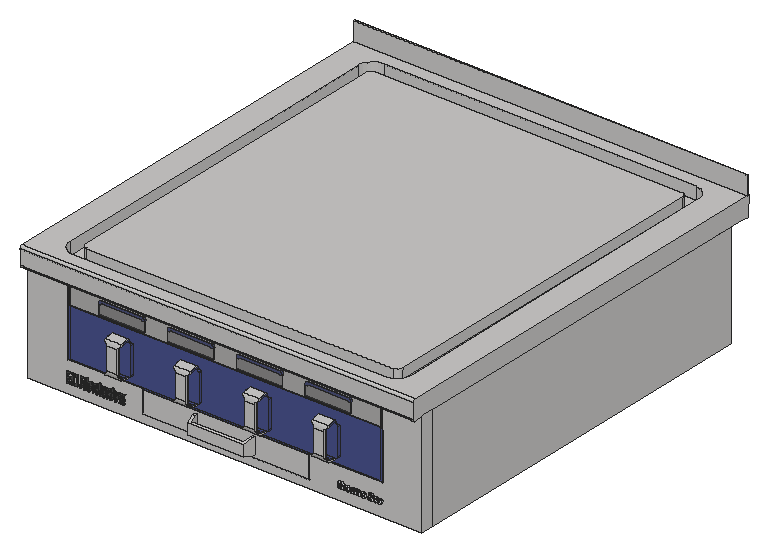
Revit family "QF_ELECTROLUXPROFESSIONAL_588551_MBTCBBHOAO", category Attrezzature speciali, Revit 2020
Family settings
  Quota connettore circolare = Usa diametro
  Tipo di parte = Normale
  Basato su piano di lavoro = No
  Sempre verticale = Sì
  Taglio con vuoti quando caricato = No
  Condiviso = No
  Punto di calcolo locali = No
Parameters (values of type "Standard")
  Weight = 120.00 kg
  Watts = 12000 W
  Volts = 400 V
  URL Manufacturer = "https://www.electroluxprofessional.com/"
  URL = "https://www.electroluxprofessional.com/"
  Steam Supply Size = 0"
  Steam Supply Minimum Pressure = 0.00 psi
  Steam Supply Maximum Pressure = 0.00 psi
  Steam Consumption per Hour = 0
  Refrigeration Suction Line Size = 0 mm
  Refrigeration Liquid Line Size = 0 mm
  Refrigerant Compressor Remote = yes
  Prospetto di default = 0 mm
  Phase = 3
  Modello = "MBTCBBHOAO"
  Produttore = "Electrolux Professional"
  Length Actual = 800 mm  # constant formula
  Item Number = "588551"
  Hot Water Size = 0"
  Height Actual = 250 mm  # constant formula
  HP = "16.1 HP"
  Gas Size = 0"
  Gas KW = 0
  Gas Input Pressure = 0.0 Btu/h
  Direct Waste Size = 0"
  Descrizione = "EL.FREE COOKING TOP,1S,BS,800X850X250H"
  Depth Actual = 850 mm  # constant formula
  Cycle = 50 Hz
  Condensate Return Size = 0"
  Compressed Air Volume = 0 GPM
  Compressed Air Size = 0"
  Compressed Air Pressure = 0.00 psi
  Cold Water Size = 0"
  Accessory = yes
Reference planes
  plane 1 "BACK": y = 0
  plane 2: z = 0
  plane 3 "LEFT": x = 0
  plane 4 "RIGHT": x = 800
  plane 5 "FRONT": y = -850
  plane 6 "TOP": z = 900
  plane 7 "Center (Left/Right)": x = 400
  plane 8: y = -425
  plane 9: y = -150
  plane 10 "Panel": y = -805
  plane 11: z = 798
  plane 12: z = 1327
  plane 13: x = 78
  plane 14: x = 722
  plane 15: y = -150
  plane 16: y = -650
  plane 17 "EIx": x = 755
  plane 18 "EIy": y = -585
  plane 19: z = 938
  plane 20 "BaseTop": z = 650
Forms (mm)
  Extrusion 1, solid, material "QF_Finishes_Stainless Steel"
    sketch origin (-178.969, -4572, 100) x (-1, 0, 0) y (0, -1, 0)
      loop
        line (-178.969, -4527) -> (-178.969, -3767) -> (-978.969, -3767) -> (-978.969, -4527) -> (-178.969, -4527)
    from 550 to 762.969
  Extrusion 2, solid, material "QF_Finishes_Stainless Steel"
    sketch origin (0, 0, 650) x (-1, 0, 0) y (0, -1, 0)
      loop
        circle (-755, 585) r 6.35
    from 0 to -11.851
  Extrusion 3, solid, material "QF_Finishes_Stainless Steel"
    sketch origin (400, 296.4, 1219.2) x (0, 1, 0) y (0, 0, 1)
      loop
        line (-296.4, -319.2) -> (-1141.4, -319.2)
        arc (-1141.4, -319.2) -> (-1144.935, -320.664) -> (-1146.4, -324.2) r 5
        line (-1146.4, -324.2) -> (-1146.4, -355.2)
        arc (-1146.4, -355.2) -> (-1144.971, -358.264) -> (-1141.705, -359.139) r 4
        line (-1141.705, -359.139) -> (-1126.4, -356.231) -> (-316.4, -356.231) -> (-301.094, -359.139)
        arc (-301.094, -359.139) -> (-297.829, -358.264) -> (-296.4, -355.2) r 4
        line (-296.4, -355.2) -> (-296.4, -319.2)
    from -400 to 400
  Extrusion 4, solid, material "QF_Finishes_Stainless Steel"
    sketch origin (0, 0, 900) x (-1, 0, 0) y (0, -1, 0)
      loop
        arc (-88, 59) -> (-80.929, 61.929) -> (-78, 69) r 10
        line (-78, 69) -> (-78, 780)
        arc (-78, 780) -> (-80.929, 787.071) -> (-88, 790) r 10
        line (-88, 790) -> (-712, 790)
        arc (-712, 790) -> (-719.071, 787.071) -> (-722, 780) r 10
        line (-722, 780) -> (-722, 69)
        arc (-722, 69) -> (-719.071, 61.929) -> (-712, 59) r 10
        line (-712, 59) -> (-88, 59)
    from 0 to -20
  Extrusion 5, void
    sketch origin (0, 0, 900) x (-1, 0, 0) y (0, -1, 0)
      loop
        arc (-53, 790) -> (-61.787, 811.213) -> (-83, 820) r 30
        line (-83, 820) -> (-717, 820)
        arc (-717, 820) -> (-738.213, 811.213) -> (-747, 790) r 30
        line (-747, 790) -> (-747, 59)
        arc (-747, 59) -> (-738.213, 37.787) -> (-717, 29) r 30
        line (-717, 29) -> (-83, 29)
        arc (-83, 29) -> (-61.787, 37.787) -> (-53, 59) r 30
        line (-53, 59) -> (-53, 790)
    from 0 to -25
  Extrusion 6, solid, material "QF_Finishes_Stainless Steel"
    sketch origin (0, 0, 900) x (-1, 0, 0) y (0, -1, 0)
      loop
        line (-82, 63) -> (-82, 786) -> (-718, 786) -> (-718, 63) -> (-82, 63)
    from -20 to -25
  Extrusion 7, solid, material "QF_Finishes_Stainless Steel"
    sketch origin (400, 296.4, 1219.2) x (0, 1, 0) y (0, 0, 1)
      loop
        line (-296.4, -319.2) -> (-296.4, -281.2) -> (-298.4, -281.2) -> (-298.4, -319.2) -> (-296.4, -319.2)
    from -400 to 400
Cuts and joins
  Extrusion 5 cuts Extrusion 3
Lines and regions (mm)
  symbolic lines
    curve 1: line (0, 0, 100) -> (800, 0, 100)
    curve 2: line (0, -850, 100) -> (0, 0, 100)
    curve 3: line (800, -850, 100) -> (0, -850, 100)
    curve 4: line (800, 0, 100) -> (800, -850, 100)
    curve 5: line (712, -59, 100) -> (88, -59, 100)
    curve 6: line (722, -680, 100) -> (722, -69, 100)
    curve 7: arc (88, -59, 100) -> (80.929, -61.929, 100) -> (78, -69, 100) r 10
    curve 8: arc (722, -69, 100) -> (719.071, -61.929, 100) -> (712, -59, 100) r 10
    curve 9: line (712, -791, 100) -> (88, -791, 100)
    curve 10: arc (88, -791, 100) -> (80.929, -788.071, 100) -> (78, -781, 100) r 10
    curve 11: arc (722, -781, 100) -> (719.071, -788.071, 100) -> (712, -791, 100) r 10
    curve 12: line (78, -69, 0) -> (78, -781, 0)
    curve 13: line (722, -781, 0) -> (722, -69, 0)
    curve 14: arc (83, -29, 0) -> (61.787, -37.787, 0) -> (53, -59, 0) r 30
    curve 15: line (717, -29, 0) -> (83, -29, 0)
    curve 16: line (53, -59, 0) -> (53, -790, 0)
    curve 17: line (747, -790, 0) -> (747, -59, 0)
    curve 18: arc (747, -59, 0) -> (738.213, -37.787, 0) -> (717, -29, 0) r 30
    curve 19: arc (717, -820, 0) -> (738.213, -811.213, 0) -> (747, -790, 0) r 30
    curve 20: line (83, -820, 0) -> (717, -820, 0)
    curve 21: arc (53, -790, 0) -> (61.787, -811.213, 0) -> (83, -820, 0) r 30
    curve 22: line (0, -2, 0) -> (800, -2, 0)
Dimensions and locks
  plane 3 "LEFT" to plane 4 "RIGHT" = 800 mm
  plane 5 "FRONT" to plane 1 "BACK" = 850 mm
  equal spacing: plane 3 "LEFT", plane 7 "Center (Left/Right)", plane 4 "RIGHT"
  equal spacing: plane 5 "FRONT", plane 8, plane 1 "BACK"
  plane 6 "TOP" to level = 900 mm  (x3)
  plane 1 "BACK" to plane 9 to plane 10 "Panel" = 150 mm, 655 mm  (x2)
  plane 1 "BACK" to plane 5 "FRONT" = 850 mm
  plane 1 "BACK" to Extrusion 2 = 585 mm
  plane 12 to plane 6 "TOP" = 427 mm
  plane 6 "TOP" to plane 11 = 102 mm
  plane 13 to plane 3 "LEFT" = 78 mm
  plane 14 to plane 4 "RIGHT" = 78 mm
  locked: plane 1 "BACK" to plane 15 at 150
  locked: plane 15 to plane 16 at 500
  plane 10 "Panel" to plane 5 "FRONT" = 45 mm
  plane 17 "EIx" to plane 4 "RIGHT" = 45 mm
  plane 18 "EIy" to plane 1 "BACK" = 585 mm
  plane 19 to plane 6 "TOP" = 38 mm
  aligned and locked: level to plane 2
  aligned and locked: plane 7 "Center (Left/Right)" to nested 1
Automatic sketch dimensions
  Extrusion 3 sketch curve to plane 5 "FRONT" = 0 mm
  Extrusion 3 sketch curve to plane 6 "TOP" = 0 mm
  Extrusion 3 sketch curve to plane 1 "BACK" = 0 mm
  Extrusion 3 sketch curve to plane 5 "FRONT" = 4 mm
  Extrusion 3 sketch curve to Extrusion 3 sketch curve = 0.695 mm
  Extrusion 3 sketch curve to plane 5 "FRONT" = 5 mm
  Extrusion 3 sketch curve to Extrusion 3 sketch curve = 15.305 mm
  plane 1 "BACK" to Extrusion 3 sketch curve = 20 mm
  plane 1 "BACK" to Extrusion 3 sketch curve = 4.695 mm
  Extrusion 3 sketch curve to Extrusion 3 sketch curve = 4 mm
  Extrusion 3 sketch curve to Extrusion 3 sketch curve = 31 mm
  Extrusion 3 sketch curve to plane 6 "TOP" = 36 mm
  Extrusion 3 sketch curve to Extrusion 3 sketch curve = 2.909 mm
  Extrusion 4 sketch curve to plane 14 = 0 mm
  Extrusion 4 sketch curve to plane 13 = 0 mm
  plane 14 to Extrusion 4 sketch curve = 10 mm  (x2)
  Extrusion 4 sketch curve to Extrusion 4 sketch curve = 10 mm  (x2)
  plane 9 to Extrusion 4 sketch curve = 91 mm
  plane 16 to Extrusion 4 sketch curve = 130 mm
  Extrusion 6 sketch curve to plane 13 = 4 mm
  plane 14 to Extrusion 6 sketch curve = 4 mm
  plane 16 to Extrusion 6 sketch curve = 136 mm
  plane 9 to Extrusion 6 sketch curve = 87 mm
  plane 17 "EIx" to Extrusion 5 sketch curve = 8 mm
  plane 14 to Extrusion 5 sketch curve = 5 mm  (x2)
  Extrusion 5 sketch curve to plane 13 = 5 mm  (x2)
  plane 13 to Extrusion 5 sketch curve = 25 mm
  plane 1 "BACK" to Extrusion 5 sketch curve = 29 mm
  plane 10 "Panel" to Extrusion 5 sketch curve = 15 mm
  Extrusion 1 sketch curve to plane 4 "RIGHT" = 0 mm
  Extrusion 1 sketch curve to plane 3 "LEFT" = 0 mm
  Extrusion 1 sketch curve to plane 10 "Panel" = 0 mm
  plane 1 "BACK" to Extrusion 1 sketch curve = 45 mm
  plane 1 "BACK" to curve 1 = 0 mm
  curve 1 to plane 4 "RIGHT" = 0 mm
  curve 6 to plane 14 = 0 mm
  curve 11 to plane 14 = 0 mm
  curve 10 to plane 13 = 0 mm
  curve 7 to plane 13 = 0 mm
  curve 2 to plane 3 "LEFT" = 0 mm
  plane 5 "FRONT" to curve 3 = 0 mm
  plane 14 to curve 9 = 10 mm
  plane 14 to curve 5 = 10 mm
  curve 7 to plane 13 = 10 mm
  curve 10 to plane 13 = 10 mm
  plane 1 "BACK" to curve 5 = 59 mm
  plane 16 to curve 6 = 30 mm
  plane 10 "Panel" to curve 11 = 24 mm
  Extrusion 7 sketch curve to plane 6 "TOP" = 0 mm
  Extrusion 7 sketch curve to plane 19 = 0 mm
  Extrusion 7 sketch curve to plane 1 "BACK" = 0 mm
  Extrusion 7 sketch curve to Extrusion 7 sketch curve = 2 mm
  curve 22 to plane 3 "LEFT" = 0 mm
  curve 12 to plane 13 = 0 mm
  curve 13 to plane 14 = 0 mm
  curve 22 to plane 4 "RIGHT" = 0 mm
  plane 13 to curve 16 = 25 mm
  curve 15 to plane 13 = 5 mm
  curve 21 to plane 13 = 5 mm
  plane 14 to curve 18 = 5 mm
  plane 14 to curve 20 = 5 mm
  plane 17 "EIx" to curve 17 = 8 mm
  curve 20 to plane 10 "Panel" = 15 mm
  plane 1 "BACK" to curve 14 = 59 mm
  curve 19 to curve 13 = 9 mm
  curve 21 to curve 12 = 9 mm
  curve 13 to curve 18 = 10 mm
  curve 12 to curve 14 = 10 mm
  plane 1 "BACK" to curve 22 = 2 mm
  Extrusion 2 sketch curve to plane 17 "EIx" = 0 mm
  Extrusion 2 sketch curve to plane 18 "EIy" = 0 mm
  radius of Extrusion 2 sketch curve = 6.35 mm
Nested families
  nested 1: "Front_Panel_W800_Four Knobs" at (202.376, -805, 0), type "Front_Panel_W800_Four Knobs"
Connectors
  electrical at (755, -585, 638.149)
    settings: on Extrusion 2, index 1, voltage 400 V, apparent load 33000 VA, apparent load phase1 0 VA, apparent load phase2 0 VA, apparent load phase3 0 VA, power factor 1, load classification "Other", number of poles 1, system type 30, power factor state 1, is connector primary yes, connector utility no, sub classification motor no, connector description "ELECTRICAL CONNECTION"
Definition of nested family "Front_Panel_W800_Four Knobs"
  Parameters
    Default Elevation = 0 mm
  Reference planes
    plane 1 "Center (Front/Back)": y = 0
    plane 2: z = 0
    plane 3 "Center (Left/Right)": x = 197.624
    plane 4 "Left": x = -202.376
    plane 5 "Right": x = 597.624
    plane 6: y = -45
    plane 7: x = -12.376
    plane 8: x = 127.624
    plane 9: y = -310
    plane 10: y = -25
    plane 11: x = 517.624
    plane 12: x = -122.376
  Forms (mm)
    Extrusion 1, solid
      sketch origin (833.217, 829.203, -1.25) x (0, 1, 0) y (0, 0, 1)
        loop
          line (-854.203, 651.25) -> (-829.203, 651.25) -> (-829.203, 864.25) -> (-854.203, 864.25) -> (-854.203, 651.25)
      from -1035.593 to -235.593
    Extrusion 2, void
      sketch origin (0, 0, 0) x (1, 0, 0) y (0, 0, 1)
        loop
          line (-122.376, 853.866) -> (-122.376, 711.866) -> (517.624, 711.866) -> (517.624, 853.866) -> (-122.376, 853.866)
      from 19.387 to 33.951
    Extrusion 3, void
      sketch origin (0, 0, 0) x (1, 0, 0) y (0, 0, 1)
        loop
          line (30.124, 711.866) -> (30.124, 666.866) -> (370.124, 666.866) -> (370.124, 711.866) -> (30.124, 711.866)
      from 19.387 to 25
    Extrusion 4, solid
      sketch origin (0, 0, 0) x (1, 0, 0) y (0, 0, 1)
        loop
          line (31.124, 710.866) -> (31.124, 667.866) -> (369.124, 667.866) -> (369.124, 710.866) -> (31.124, 710.866)
      from 19.387 to 25
    Extrusion 5, solid
      sketch origin (0, 0, 0) x (1, 0, 0) y (0, 1, 0)
        loop
          line (141.059, -25) -> (135.966, -25) -> (140.646, -49.075) -> (254.603, -49.075) -> (259.283, -25) -> (254.189, -25) -> (250.481, -44.075) -> (144.767, -44.075) -> (141.059, -25)
      from 672.593 to 705.67
    Extrusion 6, void
      sketch origin (197.624, 0, 0) x (0, 1, 0) y (0, 0, 1)
        loop
          line (-30, 705.67) -> (-30, 710.67) -> (-56.744, 710.67) -> (-56.744, 667.593) -> (-30, 667.593) -> (-30, 672.593) -> (-53.776, 680.318) -> (-53.776, 697.945) -> (-30, 705.67)
      from -70 to 70
    Extrusion 7, solid, detail levels coarse
      sketch origin (0, -265, 0) x (1, 0, 0) y (0, 1, 0)
        loop
          line (140.646, -69.075) -> (254.603, -69.075) -> (259.283, -45) -> (364.124, -45) -> (364.124, 240) -> (31.124, 240) -> (31.124, -45) -> (135.966, -45) -> (140.646, -69.075)
      from 672.593 to 705.67
    Extrusion 8, void
      sketch origin (197.624, -280, 0) x (0, 1, 0) y (0, 0, 1)
        loop
          line (-30, 705.67) -> (-30, 710.67) -> (-56.744, 710.67) -> (-56.744, 667.593) -> (-30, 667.593) -> (-30, 672.593) -> (-53.776, 680.318) -> (-53.776, 697.945) -> (-30, 705.67)
      from -70 to 70
  Cuts and joins
    Extrusion 2, Extrusion 3 cuts Extrusion 1
    Extrusion 6, Extrusion 8 cuts Extrusion 5
    Extrusion 8 cuts Extrusion 7
  Lines and regions (mm)
    symbolic lines
      curve 1: line (31.124, -45, 0) -> (31.124, -310, 0)
      curve 2: line (31.124, -310, 0) -> (364.124, -310, 0)
      curve 3: line (135.966, -310, 0) -> (140.646, -334.075, 0)
      curve 4: line (140.646, -334.075, 0) -> (254.603, -334.075, 0)
      curve 5: line (254.603, -334.075, 0) -> (259.283, -310, 0)
      curve 6: line (364.124, -310, 0) -> (364.124, -45, 0)
      curve 7: line (31.124, -300, 0) -> (364.124, -300, 0)
      curve 8: line (140.874, -309.046, 0) -> (144.767, -329.075, 0)
      curve 9: line (144.767, -329.075, 0) -> (250.481, -329.075, 0)
      curve 10: line (250.481, -329.075, 0) -> (254.375, -309.046, 0)
  Dimensions and locks
    equal spacing: plane 5 "Right", plane 3 "Center (Left/Right)", plane 4 "Left"
    plane 5 "Right" to plane 4 "Left" = 800 mm
    plane 3 "Center (Left/Right)" to plane 7 = 210 mm
    plane 3 "Center (Left/Right)" to plane 8 = 70 mm
    plane 6 to plane 9 = 265 mm
    aligned and locked: cut or joined group of Extrusion 1, Extrusion 2, Extrusion 3 to plane 4 "Left"
    aligned and locked: plane 5 "Right" to cut or joined group of Extrusion 1, Extrusion 2, Extrusion 3
    aligned and locked: plane 3 "Center (Left/Right)" to nested 2
    aligned and locked: cut or joined group of Extrusion 1, Extrusion 2, Extrusion 3 to nested 2
  Automatic sketch dimensions
    plane 7 to Extrusion 3 sketch curve = 42.5 mm
    plane 3 "Center (Left/Right)" to Extrusion 3 sketch curve = 172.5 mm
    level to Extrusion 3 sketch curve = 666.866 mm
    Extrusion 3 sketch curve to Extrusion 3 sketch curve = 45 mm
    plane 7 to Extrusion 4 sketch curve = 43.5 mm
    plane 3 "Center (Left/Right)" to Extrusion 4 sketch curve = 171.5 mm
    level to Extrusion 4 sketch curve = 667.866 mm
    Extrusion 4 sketch curve to Extrusion 4 sketch curve = 43 mm
    plane 8 to Extrusion 5 sketch curve = 8.342 mm
    plane 6 to Extrusion 5 sketch curve = 4.075 mm
    plane 8 to Extrusion 5 sketch curve = 13.021 mm
    Extrusion 5 sketch curve to Extrusion 5 sketch curve = 5.094 mm  (x2)
    Extrusion 5 sketch curve to plane 6 = 0.925 mm
    Extrusion 5 sketch curve to Extrusion 5 sketch curve = 4.122 mm  (x2)
    plane 3 "Center (Left/Right)" to Extrusion 5 sketch curve = 52.857 mm
    Extrusion 5 sketch curve to plane 6 = 20 mm  (x2)
    Extrusion 5 sketch curve to Extrusion 5 sketch curve = 3.708 mm
    plane 6 to Extrusion 6 sketch curve = 11.744 mm
    plane 6 to Extrusion 6 sketch curve = 8.776 mm
    Extrusion 6 sketch curve to plane 6 = 15 mm  (x2)
    level to Extrusion 6 sketch curve = 667.593 mm
    Extrusion 6 sketch curve to Extrusion 6 sketch curve = 5 mm
    Extrusion 6 sketch curve to Extrusion 6 sketch curve = 12.725 mm  (x2)
    Extrusion 6 sketch curve to Extrusion 6 sketch curve = 17.627 mm
    Extrusion 6 sketch curve to Extrusion 6 sketch curve = 7.725 mm
    Extrusion 8 sketch curve to plane 9 = 26.744 mm
    Extrusion 8 sketch curve to plane 9 = 23.776 mm
    plane 9 to Extrusion 8 sketch curve = 0 mm  (x2)
    level to Extrusion 8 sketch curve = 667.593 mm
    Extrusion 8 sketch curve to Extrusion 8 sketch curve = 5 mm
    Extrusion 8 sketch curve to Extrusion 8 sketch curve = 12.725 mm  (x2)
    Extrusion 8 sketch curve to Extrusion 8 sketch curve = 17.627 mm
    Extrusion 8 sketch curve to Extrusion 8 sketch curve = 7.725 mm
    plane 9 to Extrusion 7 sketch curve = 0 mm  (x2)
    plane 7 to Extrusion 7 sketch curve = 43.5 mm
    plane 8 to Extrusion 7 sketch curve = 8.342 mm
    Extrusion 7 sketch curve to plane 9 = 24.075 mm
    plane 8 to Extrusion 7 sketch curve = 13.021 mm
    Extrusion 7 sketch curve to Extrusion 7 sketch curve = 104.842 mm
    Extrusion 7 sketch curve to plane 6 = 20 mm
    plane 3 "Center (Left/Right)" to Extrusion 7 sketch curve = 56.979 mm
    Extrusion 7 sketch curve to Extrusion 7 sketch curve = 4.68 mm
    Extrusion 1 sketch curve to plane 1 "Center (Front/Back)" = 0 mm
    level to Extrusion 1 sketch curve = 650 mm
    plane 4 "Left" to Extrusion 2 sketch curve = 80 mm
    Extrusion 2 sketch curve to plane 5 "Right" = 80 mm
    level to Extrusion 2 sketch curve = 711.866 mm
    Extrusion 2 sketch curve to Extrusion 2 sketch curve = 142 mm
    plane 6 to curve 1 = 0 mm
    plane 6 to curve 6 = 0 mm
    plane 9 to curve 1 = 0 mm
    plane 7 to curve 1 = 43.5 mm
    curve 4 to plane 9 = 24.075 mm
    plane 8 to curve 4 = 13.021 mm
    curve 3 to curve 8 = 4.122 mm
    plane 3 "Center (Left/Right)" to curve 4 = 56.979 mm
    curve 4 to curve 2 = 109.521 mm
    plane 8 to curve 3 = 8.342 mm
    curve 3 to curve 8 = 4.908 mm
    curve 9 to curve 4 = 4.122 mm
    curve 10 to plane 9 = 19.075 mm
    curve 9 to curve 5 = 8.801 mm
    plane 9 to curve 10 = 0.954 mm
    curve 10 to curve 5 = 4.908 mm
    curve 3 to curve 8 = 0.954 mm
    curve 1 to curve 7 = 10 mm
    Extrusion 1 sketch curve to plane 6 = 20 mm
    Extrusion 1 sketch curve to Extrusion 1 sketch curve = 213 mm
  Nested families
    nested 1: "Range Control Handle" at (-12.376, -28.137, -209.113) x (-1, 0, 0) z (0, 0, 1), type "Range Control Handle"
    nested 2: "Front glass control panel W800" at (197.624, 280.644, 2.752), type "Front glass control panel W800"
    nested 3: "Range Control Handle" at (127.624, -28.137, -209.113) x (-1, 0, 0) z (0, 0, 1), type "Range Control Handle"
    nested 4: "Range Control Handle" at (407.624, -28.137, -209.113), type "Range Control Handle"
    nested 5: "Range Control Handle" at (267.624, -28.137, -209.113), type "Range Control Handle"
    nested 6: "ELX_ThermaLine_Small" at (468.838, -25, 679.426) x (1, 0, 0) z (0, -1, 0), type "ELX_ThermaLine_Small"
      with Show Logo yes, Material_Logo none
    nested 7: "ELX_Professional_Logo_Small" at (-62.89, -25, 681.659) x (1, 0, 0) z (0, -1, 0), type "ELX_Professional_Logo_Small"
      with Show Logo yes, Material_Logo none
  Definition of nested family "Range Control Handle"
    Parameters
      Default Elevation = 0 mm
    Reference planes
      plane 1 "Center (Front/Back)": y = 0
      plane 2: z = 0
      plane 3 "Center (Left/Right)": x = 0
      plane 4: z = 971.092
      plane 5: y = -16.9
    Forms (mm)
      Extrusion 1, solid
        sketch origin (-746.28, 380.497, 208.931) x (-1, 0, 0) y (0, 0, 1)
          loop
            line (-770.101, 786.798) -> (-770.101, 731.649)
            arc (-770.101, 731.649) -> (-769.759, 730.563) -> (-768.855, 729.87) r 1.893
            line (-768.855, 729.87) -> (-763.474, 727.911) -> (-729.81, 727.911) -> (-724.428, 729.87)
            arc (-724.428, 729.87) -> (-723.525, 730.563) -> (-723.183, 731.649) r 1.893
            line (-723.183, 731.649) -> (-723.183, 786.798)
            arc (-723.183, 786.798) -> (-723.529, 787.894) -> (-724.44, 788.593) r 1.91
            line (-724.44, 788.593) -> (-729.683, 790.819) -> (-763.601, 790.819) -> (-768.844, 788.593)
            arc (-768.844, 788.593) -> (-769.755, 787.894) -> (-770.101, 786.798) r 1.91
        from -382.35 to -378.852
      Sweep 2, solid
        path origin (-746.788, 380.496, 208.091) x (0, -1, 0) y (0, 0, 1)
          loop
            line (379.775, 793.281) -> (395.661, 791.048)
            arc (395.661, 791.048) -> (397.781, 787.377) -> (398.517, 783.202) r 12.207
            line (398.517, 783.202) -> (398.517, 737.368)
            arc (398.517, 737.368) -> (397.781, 733.193) -> (395.661, 729.522) r 12.207
            line (395.661, 729.522) -> (379.775, 727.289)
        profile origin (-746.788, -7.222, 1000.256) x (0, -0.139173, 0.990268) y (-1, 0, 0)
          loop
            line (0.782, -763.123) -> (0.782, -730.907) -> (-1.322, -730.907) -> (-1.322, -763.123) -> (0.782, -763.123)
      Sweep 3, solid
        path origin (-746.788, 380.715, 207.832) x (0, -1, 0) y (0, 0, 1)
          loop
            line (380.478, 795.442) -> (397.218, 793.09)
            arc (397.218, 793.09) -> (399.929, 788.473) -> (400.871, 783.202) r 15.207
            line (400.871, 783.202) -> (400.871, 737.584)
            arc (400.871, 737.584) -> (399.914, 732.274) -> (397.164, 727.633) r 15.207
            line (397.164, 727.633) -> (380.601, 725.305)
        profile origin (-746.788, -8.132, 1002.099) x (0, -0.139173, 0.990268) y (-1, 0, 0)
          loop
            line (0.782, -763.123) -> (0.782, -730.907) -> (-1.322, -730.907) -> (-1.322, -763.123) -> (0.782, -763.123)
      Extrusion 4, void
        sketch origin (889.253, 220.666, 207.993) x (1, 0, 0) y (0, 0, 1)
          loop
            line (-943.038, 816.854) -> (-943.038, 703.686) -> (-899.466, 734.196) -> (-899.466, 786.344) -> (-943.038, 816.854)
        from 230.636 to 242.25
      Extrusion 5, void
        sketch origin (-888.8, 220.666, 207.993) x (-1, 0, 0) y (0, 0, -1)
          loop
            line (-943.038, -816.854) -> (-899.466, -786.344) -> (-899.466, -734.196) -> (-943.038, -703.686) -> (-943.038, -816.854)
        from 230.636 to 242.25
      Extrusion 6, solid
        sketch origin (0, 0, 0) x (1, 0, 0) y (0, 0, 1)
          loop
            circle (0, 971.092) r 7.736
        from -3.137 to -1.645
    Cuts and joins
      Extrusion 4, Extrusion 5 cuts Sweep 3
      Extrusion 4, Extrusion 5 cuts Sweep 2
      joined: Extrusion 1, Extrusion 6
    Lines and regions (mm)
      symbolic lines
        curve 1: line (16.334, -16.9, 0) -> (16.334, -19.227, 0)
        curve 2: spline (16.334, -19.227, 0) -> (15.87, -19.385, 0) -> (15.404, -19.536, 0) -> (14.936, -19.678, 0) -> (14.466, -19.813, 0) -> (13.995, -19.94, 0) -> (13.523, -20.059, 0) -> (13.049, -20.171, 0) -> (12.575, -20.274, 0) -> (12.099, -20.37, 0) -> (11.622, -20.458, 0) -> (11.144, -20.537, 0) -> (10.666, -20.609, 0)
        curve 3: line (10.666, -16.9, 0) -> (10.666, -20.938, 0)
        curve 4: line (-10.213, -20.938, 0) -> (10.666, -20.938, 0)
        curve 5: line (-10.213, -20.938, 0) -> (-10.213, -16.9, 0)
        curve 6: spline (-10.213, -20.609, 0) -> (-10.691, -20.537, 0) -> (-11.169, -20.458, 0) -> (-11.646, -20.37, 0) -> (-12.122, -20.274, 0) -> (-12.597, -20.171, 0) -> (-13.07, -20.059, 0) -> (-13.542, -19.94, 0) -> (-14.013, -19.813, 0) -> (-14.483, -19.678, 0) -> (-14.951, -19.536, 0) -> (-15.417, -19.385, 0) -> (-15.881, -19.227, 0)
        curve 7: line (-15.881, -19.227, 0) -> (-15.881, -16.9, 0)
  Definition of nested family "Front glass control panel W800"
    Parameters
      Default Elevation = 0 mm
    Reference planes
      plane 1 "Center (Front/Back)": y = 0
      plane 2: z = 0
      plane 3 "Center (Left/Right)": x = 0
    Forms (mm)
      Extrusion 1, solid
        sketch origin (378.286, 0, 0.617) x (1, 0, 0) y (0, 0, 1)
          loop
            line (-698.286, 806.791) -> (-698.286, 708.497) -> (-58.286, 708.497) -> (-58.286, 806.791) -> (-698.286, 806.791)
        from 300.031 to 304.8
      Extrusion 2, solid
        sketch origin (378.286, 0, 0.617) x (1, 0, 0) y (0, 0, 1)
          loop
            line (-698.286, 850.497) -> (-698.286, 806.791) -> (-58.286, 806.791) -> (-58.286, 850.497) -> (-698.286, 850.497)
        from 300.031 to 304.8
      Extrusion 3, void
        sketch origin (378.286, 0, 0.617) x (1, 0, 0) y (0, 0, 1)
          loop
            line (-695.628, 847.565) -> (-695.628, 710.699) -> (-61.196, 710.699) -> (-61.196, 847.565) -> (-695.628, 847.565)
        from 303.697 to 304.8
      Extrusion 4, solid
        sketch origin (-378.333, 1.101, -0.633) x (-1, 0, 0) y (0, 0, -1)
          loop
            line (-261.431, -812.62) -> (-355.186, -812.62) -> (-355.186, -834.177) -> (-350.269, -834.177) -> (-348.469, -835.977) -> (-268.039, -835.977) -> (-266.24, -834.177) -> (-261.431, -834.177) -> (-261.431, -812.62)
        from 304.798 to 306.745
      Extrusion 5, solid
        sketch origin (-378.333, 1.101, -0.633) x (-1, 0, 0) y (0, 0, -1)
          loop
            line (-350.269, -834.177) -> (-355.078, -834.177)
            arc (-355.078, -834.177) -> (-353.942, -838.747) -> (-349.686, -840.763) r 5.5
            line (-349.686, -840.763) -> (-266.98, -840.763)
            arc (-266.98, -840.763) -> (-262.706, -838.752) -> (-261.529, -834.177) r 5.549
            line (-261.529, -834.177) -> (-266.24, -834.177) -> (-268.039, -835.977) -> (-348.469, -835.977) -> (-350.269, -834.177)
        from 304.798 to 306.745
      Extrusion 6, solid
        sketch origin (-518.333, 1.101, -0.633) x (-1, 0, 0) y (0, 0, -1)
          loop
            line (-261.431, -812.62) -> (-355.186, -812.62) -> (-355.186, -834.177) -> (-350.269, -834.177) -> (-348.469, -835.977) -> (-268.039, -835.977) -> (-266.24, -834.177) -> (-261.431, -834.177) -> (-261.431, -812.62)
        from 304.798 to 306.745
      Extrusion 7, solid
        sketch origin (-518.333, 1.101, -0.633) x (-1, 0, 0) y (0, 0, -1)
          loop
            line (-350.269, -834.177) -> (-355.078, -834.177)
            arc (-355.078, -834.177) -> (-353.942, -838.747) -> (-349.686, -840.763) r 5.5
            line (-349.686, -840.763) -> (-266.98, -840.763)
            arc (-266.98, -840.763) -> (-262.706, -838.752) -> (-261.529, -834.177) r 5.549
            line (-261.529, -834.177) -> (-266.24, -834.177) -> (-268.039, -835.977) -> (-348.469, -835.977) -> (-350.269, -834.177)
        from 304.798 to 306.745
      Extrusion 8, solid
        sketch origin (378.333, 1.101, -0.633) x (1, 0, 0) y (0, 0, 1)
          loop
            line (-261.431, 812.62) -> (-261.431, 834.177) -> (-266.24, 834.177) -> (-268.039, 835.977) -> (-348.469, 835.977) -> (-350.269, 834.177) -> (-355.186, 834.177) -> (-355.186, 812.62) -> (-261.431, 812.62)
        from 304.798 to 306.745
      Extrusion 9, solid
        sketch origin (378.333, 1.101, -0.633) x (1, 0, 0) y (0, 0, 1)
          loop
            line (-350.269, 834.177) -> (-348.469, 835.977) -> (-268.039, 835.977) -> (-266.24, 834.177) -> (-261.529, 834.177)
            arc (-261.529, 834.177) -> (-262.706, 838.752) -> (-266.98, 840.763) r 5.549
            line (-266.98, 840.763) -> (-349.686, 840.763)
            arc (-349.686, 840.763) -> (-353.942, 838.747) -> (-355.078, 834.177) r 5.5
            line (-355.078, 834.177) -> (-350.269, 834.177)
        from 304.798 to 306.745
      Extrusion 10, solid
        sketch origin (518.333, 1.101, -0.633) x (1, 0, 0) y (0, 0, 1)
          loop
            line (-261.431, 812.62) -> (-261.431, 834.177) -> (-266.24, 834.177) -> (-268.039, 835.977) -> (-348.469, 835.977) -> (-350.269, 834.177) -> (-355.186, 834.177) -> (-355.186, 812.62) -> (-261.431, 812.62)
        from 304.798 to 306.745
      Extrusion 11, solid
        sketch origin (518.333, 1.101, -0.633) x (1, 0, 0) y (0, 0, 1)
          loop
            line (-350.269, 834.177) -> (-348.469, 835.977) -> (-268.039, 835.977) -> (-266.24, 834.177) -> (-261.529, 834.177)
            arc (-261.529, 834.177) -> (-262.706, 838.752) -> (-266.98, 840.763) r 5.549
            line (-266.98, 840.763) -> (-349.686, 840.763)
            arc (-349.686, 840.763) -> (-353.942, 838.747) -> (-355.078, 834.177) r 5.5
            line (-355.078, 834.177) -> (-350.269, 834.177)
        from 304.798 to 306.745
    Cuts and joins
      Extrusion 3 cuts Extrusion 1
      Extrusion 3 cuts Extrusion 2
    Dimensions and locks
      aligned and locked: Extrusion 1 to Extrusion 2
      aligned and locked: Extrusion 5 sketch curve to Extrusion 4  (x5)
      aligned and locked: Extrusion 5 to Extrusion 4
      aligned and locked: Extrusion 7 sketch curve to Extrusion 6  (x5)
      aligned and locked: Extrusion 7 to Extrusion 6
      aligned and locked: Extrusion 9 sketch curve to Extrusion 8  (x4)
      aligned and locked: Extrusion 8 to Extrusion 9 sketch curve
      aligned and locked: Extrusion 9 to Extrusion 8
      aligned and locked: Extrusion 11 sketch curve to Extrusion 10  (x4)
      aligned and locked: Extrusion 10 to Extrusion 11 sketch curve
      aligned and locked: Extrusion 11 to Extrusion 10
  Definition of nested family "ELX_ThermaLine_Small"
    Parameters
      Show Logo [instance] = yes
      Material_Logo [instance] = none
      Default Elevation = 0 mm
    Reference planes
      plane 1 "Centro (Fronte/Retro)": y = 0
      plane 2: z = 0
      plane 3 "Centro (Sinistra/Destra)": x = 0
    Forms (mm)
      Extrusion 1, solid
        sketch origin (0, 0, 0) x (1, 0, 0) y (0, 1, 0)
          loop
            line (-1219.2, 1219.2) -> (-1219.2, -1219.2) -> (1219.2, -1219.2) -> (1219.2, 1219.2) -> (-1219.2, 1219.2)
        from 0 to -304.8
      Extrusion 2, solid
        sketch origin (0, 0, 0) x (1, 0, 0) y (0, 1, 0)
          loop
            line (-37.494, 1.229) -> (-35.908, 1.229) -> (-35.908, 3.066) -> (-37.494, 3.066) -> (-37.494, 6.221) -> (-39.867, 4.881) -> (-39.867, 3.066) -> (-40.969, 3.066) -> (-40.969, 1.229) -> (-39.867, 1.229) -> (-39.867, -3.407)
            arc (-39.867, -3.407) -> (-38.982, -5.513) -> (-36.751, -6.001) r 2.478
            line (-36.751, -6.001) -> (-35.638, -5.7) -> (-35.9, -3.835) -> (-36.661, -4.039)
            arc (-36.661, -4.039) -> (-37.236, -3.924) -> (-37.494, -3.399) r 0.662
            line (-37.494, -3.399) -> (-37.494, 1.229)
          loop
            line (-34.242, 6.539) -> (-34.242, -5.848) -> (-31.854, -5.848) -> (-31.854, -0.078)
            arc (-31.854, -0.078) -> (-30.939, 1.249) -> (-29.33, 1.367) r 1.866
            arc (-29.33, 1.367) -> (-28.695, 0.768) -> (-28.461, -0.073) r 1.627
            line (-28.461, -0.073) -> (-28.461, -5.848) -> (-26.086, -5.848) -> (-26.064, -0.46)
            arc (-26.064, -0.46) -> (-26.261, 0.932) -> (-26.786, 2.237) r 5.825
            arc (-26.786, 2.237) -> (-29.381, 3.264) -> (-31.854, 1.971) r 3.353
            line (-31.854, 1.971) -> (-31.854, 6.539) -> (-34.242, 6.539)
          loop
            arc (-18.398, -0.598) -> (-18.893, 0.879) -> (-20.326, 1.487) r 1.897
            arc (-20.326, 1.487) -> (-21.461, 0.708) -> (-21.897, -0.598) r 2.164
            line (-21.897, -0.598) -> (-18.398, -0.598)
          loop
            arc (-16.021, -2.044) -> (-16.754, 1.227) -> (-19.444, 3.226) r 4.814
            arc (-19.444, 3.226) -> (-22.137, 2.788) -> (-23.943, 0.743) r 4.054
            arc (-23.943, 0.743) -> (-24.382, -1.249) -> (-24.162, -3.276) r 6.289
            arc (-24.162, -3.276) -> (-23.302, -4.71) -> (-21.958, -5.705) r 4.28
            arc (-21.958, -5.705) -> (-18.558, -5.814) -> (-16.152, -3.409) r 4.28
            line (-16.152, -3.409) -> (-18.5, -2.995)
            arc (-18.5, -2.995) -> (-19.273, -3.994) -> (-20.533, -4.076) r 1.536
            arc (-20.533, -4.076) -> (-21.56, -3.281) -> (-21.958, -2.044) r 2.197
            line (-21.958, -2.044) -> (-16.021, -2.044)
          loop
            line (-14.165, -5.848) -> (-11.819, -5.848) -> (-11.819, -2.138)
            arc (-11.819, -2.138) -> (-11.787, -1.156) -> (-11.637, -0.185) r 8.18
            arc (-11.637, -0.185) -> (-10.644, 0.972) -> (-9.132, 0.776) r 1.603
            line (-9.132, 0.776) -> (-8.419, 2.846)
            arc (-8.419, 2.846) -> (-10.432, 3.118) -> (-11.994, 1.821) r 2.527
            line (-11.994, 1.821) -> (-11.994, 3.094) -> (-14.165, 3.094) -> (-14.165, -5.848)
          loop
            line (-7.579, 3.094) -> (-7.579, -5.848) -> (-5.178, -5.848) -> (-5.178, -0.756)
            arc (-5.178, -0.756) -> (-4.727, 0.679) -> (-3.417, 1.419) r 2.05
            arc (-3.417, 1.419) -> (-2.499, 0.908) -> (-2.155, -0.085) r 1.471
            line (-2.155, -0.085) -> (-2.155, -5.848) -> (0.23, -5.848) -> (0.23, -1.001)
            arc (0.23, -1.001) -> (0.47, 0.127) -> (1.148, 1.061) r 2.775
            arc (1.148, 1.061) -> (2.225, 1.329) -> (3.05, 0.587) r 1.182
            arc (3.05, 0.587) -> (3.199, -0.019) -> (3.214, -0.642) r 2.894
            line (3.214, -0.642) -> (3.214, -5.848) -> (5.601, -5.848) -> (5.601, 0.261)
            arc (5.601, 0.261) -> (4.87, 2.263) -> (2.976, 3.241) r 2.932
            arc (2.976, 3.241) -> (1.284, 2.973) -> (-0.047, 1.896) r 3.309
            arc (-0.047, 1.896) -> (-1.116, 2.865) -> (-2.506, 3.258) r 3.16
            arc (-2.506, 3.258) -> (-4.105, 2.942) -> (-5.376, 1.92) r 3.419
            line (-5.376, 1.92) -> (-5.376, 3.094) -> (-7.579, 3.094)
          loop
            line (7.583, 0.738) -> (9.702, 0.364)
            arc (9.702, 0.364) -> (11.441, 1.492) -> (12.855, -0.023) r 1.613
            line (12.855, -0.023) -> (9.782, -0.789)
            arc (9.782, -0.789) -> (8.559, -1.346) -> (7.617, -2.305) r 3.687
            arc (7.617, -2.305) -> (7.499, -3.681) -> (7.901, -5.003) r 3.651
            arc (7.901, -5.003) -> (9.107, -5.766) -> (10.515, -6.006) r 3.635
            arc (10.515, -6.006) -> (11.898, -5.697) -> (13.067, -4.895) r 3.734
            line (13.067, -4.895) -> (13.376, -5.848) -> (15.75, -5.848) -> (15.212, -4.193) -> (15.212, 0.38)
            arc (15.212, 0.38) -> (14.897, 1.849) -> (13.818, 2.895) r 2.585
            arc (13.818, 2.895) -> (11.792, 3.442) -> (9.719, 3.11) r 5.005
            arc (9.719, 3.11) -> (8.369, 2.178) -> (7.583, 0.738) r 3.54
          loop
            line (19.723, -5.848) -> (22.233, -5.848) -> (24.854, 6.484) -> (22.345, 6.484) -> (19.723, -5.848)
          loop
            line (24.583, -5.848) -> (26.953, -5.848) -> (28.848, 3.066) -> (26.478, 3.066) -> (24.583, -5.848)
          loop
            line (27.204, 6.484) -> (26.741, 4.305) -> (29.111, 4.305) -> (29.575, 6.484) -> (27.204, 6.484)
          loop
            line (29.355, -5.848) -> (31.849, -5.848) -> (33.098, 0.028)
            arc (33.098, 0.028) -> (34.169, 1.306) -> (35.832, 1.422) r 2.132
            arc (35.832, 1.422) -> (36.324, 0.752) -> (36.383, -0.078) r 1.5
            line (36.383, -0.078) -> (35.157, -5.848) -> (37.536, -5.848) -> (38.936, 0.738)
            arc (38.936, 0.738) -> (38.775, 2.091) -> (37.825, 3.066) r 2.118
            arc (37.825, 3.066) -> (35.392, 3.175) -> (33.295, 1.937) r 4.271
            line (33.295, 1.937) -> (33.535, 3.066) -> (31.25, 3.066) -> (29.355, -5.848)
          loop
            line (42.792, -0.64) -> (46.589, -0.64)
            arc (46.589, -0.64) -> (46.639, 0.124) -> (46.327, 0.823) r 1.589
            arc (46.327, 0.823) -> (45.117, 1.521) -> (43.762, 1.183) r 1.865
            arc (43.762, 1.183) -> (43.141, 0.344) -> (42.792, -0.64) r 3.538
          loop
            line (42.565, -2.138) -> (48.593, -2.138)
            arc (48.593, -2.138) -> (48.58, 0.597) -> (46.983, 2.818) r 4.494
            arc (46.983, 2.818) -> (44.191, 3.28) -> (41.725, 1.891) r 4.26
            arc (41.725, 1.891) -> (40.503, -0.3) -> (40.284, -2.799) r 6.003
            arc (40.284, -2.799) -> (40.959, -4.468) -> (42.377, -5.576) r 3.482
            arc (42.377, -5.576) -> (44.265, -5.961) -> (46.152, -5.576) r 4.823
            arc (46.152, -5.576) -> (47.432, -4.731) -> (48.328, -3.485) r 4.245
            line (48.328, -3.485) -> (46.168, -3.105)
            arc (46.168, -3.105) -> (45.214, -4.072) -> (43.859, -4.181) r 1.953
            arc (43.859, -4.181) -> (42.821, -3.408) -> (42.565, -2.138) r 1.81
          loop
            line (12.868, -1.553) -> (10.216, -2.214)
            arc (10.216, -2.214) -> (9.747, -3.136) -> (10.216, -4.058) r 1.14
            arc (10.216, -4.058) -> (11.537, -4.249) -> (12.614, -3.46) r 1.763
            arc (12.614, -3.46) -> (12.858, -2.522) -> (12.868, -1.553) r 3.97
        from 0 to 1.6
    Dimensions and locks
      aligned and locked: plane 2 to Extrusion 1
      aligned and locked: level to Extrusion 1
  Definition of nested family "ELX_Professional_Logo_Small"
    Parameters
      Show Logo [instance] = yes
      Material_Logo [instance] = none
      Default Elevation = 0 mm
    Reference planes
      plane 1 "Centro (Fronte/Retro)": y = 0
      plane 2: z = 0
      plane 3 "Centro (Sinistra/Destra)": x = 0
    Forms (mm)
      Extrusion 1, solid
        sketch origin (0, 0, 0) x (1, 0, 0) y (0, 1, 0)
          loop
            line (-1219.2, 1219.2) -> (-1219.2, -1219.2) -> (1219.2, -1219.2) -> (1219.2, 1219.2) -> (-1219.2, 1219.2)
        from 0 to -304.8
      Extrusion 2, solid, material <- "Material_Logo"
        sketch origin (15.5, 0, 0) x (1, 0, 0) y (0, 1, 0)
          loop
            spline (-42.99, -1.24) -> (-43.195, -1.231) -> (-43.415, -1.203) -> (-43.642, -1.152) -> (-43.87, -1.074) -> (-44.095, -0.966) -> (-44.309, -0.825) -> (-44.506, -0.647) -> (-44.681, -0.429) -> (-44.828, -0.167) -> (-44.94, 0.142) -> (-45.011, 0.501) -> (-45.037, 0.915)
            line (-45.037, 0.915) -> (-45.037, 2.748) -> (-38.984, 2.748) -> (-38.984, 5.086) -> (-45.038, 5.086) -> (-45.038, 8.489) -> (-38.599, 8.489) -> (-38.599, 10.82) -> (-47.515, 10.82) -> (-47.515, 1.021)
            spline (-47.515, 1.021) -> (-47.493, 0.418) -> (-47.425, -0.15) -> (-47.311, -0.682) -> (-47.15, -1.175) -> (-46.939, -1.628) -> (-46.678, -2.038) -> (-46.365, -2.404) -> (-46, -2.723) -> (-45.58, -2.995) -> (-45.105, -3.216) -> (-44.573, -3.385) -> (-43.983, -3.499)
            line (-43.983, -3.499) -> (-43.01, -3.569) -> (-38.426, -3.569) -> (-38.426, -1.24) -> (-42.99, -1.24)
          loop
            line (-36.666, 4.021) -> (-36.666, -3.573) -> (-34.188, -3.573) -> (-34.188, 10.824) -> (-36.666, 10.824) -> (-36.666, 4.021)
          loop
            spline (-21.915, 1.897) -> (-21.957, 2.615) -> (-22.082, 3.303) -> (-22.285, 3.955) -> (-22.563, 4.564) -> (-22.913, 5.124) -> (-23.331, 5.629) -> (-23.814, 6.074) -> (-24.359, 6.451) -> (-24.961, 6.755) -> (-25.618, 6.98) -> (-26.326, 7.119) -> (-27.081, 7.167)
            spline (-27.081, 7.167) -> (-27.853, 7.122) -> (-28.586, 6.99) -> (-29.275, 6.774) -> (-29.915, 6.478) -> (-30.5, 6.104) -> (-31.024, 5.657) -> (-31.483, 5.138) -> (-31.871, 4.553) -> (-32.182, 3.904) -> (-32.411, 3.194) -> (-32.552, 2.427) -> (-32.6, 1.606)
            spline (-32.6, 1.606) -> (-32.553, 0.805) -> (-32.416, 0.057) -> (-32.193, -0.637) -> (-31.887, -1.271) -> (-31.504, -1.843) -> (-31.048, -2.35) -> (-30.523, -2.788) -> (-29.934, -3.154) -> (-29.284, -3.444) -> (-28.579, -3.656) -> (-27.822, -3.785) -> (-27.019, -3.829)
            spline (-27.019, -3.829) -> (-26.627, -3.82) -> (-26.239, -3.79) -> (-25.856, -3.739) -> (-25.477, -3.663) -> (-25.103, -3.562) -> (-24.734, -3.432) -> (-24.369, -3.273) -> (-24.01, -3.082) -> (-23.655, -2.858) -> (-23.305, -2.597) -> (-22.96, -2.299) -> (-22.621, -1.962)
            line (-22.621, -1.962) -> (-24.114, -0.509)
            spline (-24.114, -0.509) -> (-24.311, -0.699) -> (-24.509, -0.872) -> (-24.71, -1.03) -> (-24.915, -1.172) -> (-25.126, -1.297) -> (-25.346, -1.407) -> (-25.576, -1.5) -> (-25.817, -1.576) -> (-26.072, -1.636) -> (-26.342, -1.678) -> (-26.629, -1.704) -> (-26.936, -1.713)
            spline (-26.936, -1.713) -> (-27.384, -1.691) -> (-27.805, -1.625) -> (-28.196, -1.518) -> (-28.556, -1.372) -> (-28.882, -1.187) -> (-29.174, -0.966) -> (-29.429, -0.71) -> (-29.645, -0.422) -> (-29.821, -0.102) -> (-29.955, 0.247) -> (-30.045, 0.623) -> (-30.089, 1.026)
            line (-30.089, 1.026) -> (-21.956, 1.026) -> (-21.915, 1.897)
          loop
            spline (-24.446, 2.769) -> (-24.47, 3.075) -> (-24.54, 3.37) -> (-24.654, 3.65) -> (-24.807, 3.913) -> (-24.996, 4.156) -> (-25.219, 4.376) -> (-25.472, 4.57) -> (-25.753, 4.736) -> (-26.057, 4.869) -> (-26.382, 4.968) -> (-26.724, 5.03) -> (-27.081, 5.051)
            spline (-27.081, 5.051) -> (-27.464, 5.03) -> (-27.832, 4.97) -> (-28.183, 4.872) -> (-28.513, 4.74) -> (-28.819, 4.577) -> (-29.099, 4.384) -> (-29.347, 4.165) -> (-29.563, 3.923) -> (-29.742, 3.659) -> (-29.881, 3.377) -> (-29.977, 3.079) -> (-30.027, 2.769)
            line (-30.027, 2.769) -> (-24.446, 2.769)
          loop
            spline (-18.167, 1.669) -> (-18.138, 2.13) -> (-18.055, 2.567) -> (-17.921, 2.978) -> (-17.739, 3.358) -> (-17.512, 3.705) -> (-17.243, 4.016) -> (-16.937, 4.287) -> (-16.596, 4.517) -> (-16.223, 4.7) -> (-15.823, 4.835) -> (-15.398, 4.919) -> (-14.951, 4.947)
            spline (-14.951, 4.947) -> (-14.677, 4.938) -> (-14.414, 4.913) -> (-14.162, 4.871) -> (-13.921, 4.812) -> (-13.69, 4.738) -> (-13.467, 4.649) -> (-13.254, 4.544) -> (-13.048, 4.424) -> (-12.85, 4.291) -> (-12.659, 4.143) -> (-12.474, 3.981) -> (-12.295, 3.806)
            line (-12.295, 3.806) -> (-10.76, 5.403)
            spline (-10.76, 5.403) -> (-11.065, 5.709) -> (-11.38, 5.984) -> (-11.703, 6.228) -> (-12.035, 6.443) -> (-12.375, 6.63) -> (-12.723, 6.788) -> (-13.078, 6.92) -> (-13.44, 7.026) -> (-13.809, 7.107) -> (-14.184, 7.164) -> (-14.564, 7.198) -> (-14.951, 7.209)
            spline (-14.951, 7.209) -> (-15.725, 7.161) -> (-16.467, 7.02) -> (-17.169, 6.792) -> (-17.826, 6.482) -> (-18.43, 6.096) -> (-18.976, 5.637) -> (-19.455, 5.112) -> (-19.862, 4.525) -> (-20.19, 3.882) -> (-20.433, 3.189) -> (-20.584, 2.449) -> (-20.635, 1.669)
            spline (-20.635, 1.669) -> (-20.584, 0.889) -> (-20.433, 0.149) -> (-20.19, -0.545) -> (-19.862, -1.187) -> (-19.455, -1.774) -> (-18.976, -2.299) -> (-18.43, -2.758) -> (-17.826, -3.145) -> (-17.169, -3.454) -> (-16.467, -3.682) -> (-15.725, -3.823) -> (-14.951, -3.871)
            spline (-14.951, -3.871) -> (-14.564, -3.86) -> (-14.184, -3.826) -> (-13.809, -3.77) -> (-13.44, -3.689) -> (-13.078, -3.583) -> (-12.723, -3.451) -> (-12.375, -3.292) -> (-12.035, -3.105) -> (-11.703, -2.89) -> (-11.38, -2.646) -> (-11.065, -2.371) -> (-10.76, -2.066)
            line (-10.76, -2.066) -> (-12.295, -0.468)
            spline (-12.295, -0.468) -> (-12.474, -0.643) -> (-12.659, -0.805) -> (-12.85, -0.953) -> (-13.048, -1.087) -> (-13.254, -1.206) -> (-13.467, -1.311) -> (-13.69, -1.4) -> (-13.921, -1.475) -> (-14.162, -1.533) -> (-14.414, -1.575) -> (-14.677, -1.6) -> (-14.951, -1.609)
            spline (-14.951, -1.609) -> (-15.398, -1.581) -> (-15.823, -1.497) -> (-16.223, -1.362) -> (-16.596, -1.179) -> (-16.937, -0.95) -> (-17.243, -0.678) -> (-17.512, -0.367) -> (-17.739, -0.02) -> (-17.921, 0.36) -> (-18.055, 0.771) -> (-18.138, 1.208) -> (-18.167, 1.669)
          loop
            spline (-4.441, -1.243) -> (-4.659, -1.247) -> (-4.894, -1.23) -> (-5.137, -1.19) -> (-5.384, -1.121) -> (-5.628, -1.021) -> (-5.864, -0.884) -> (-6.084, -0.708) -> (-6.283, -0.488) -> (-6.454, -0.219) -> (-6.592, 0.101) -> (-6.69, 0.478) -> (-6.742, 0.914)
            line (-6.742, 0.914) -> (-6.742, 4.587) -> (-4.487, 4.587) -> (-4.487, 6.838) -> (-6.738, 6.838) -> (-6.738, 10.824) -> (-9.217, 10.824) -> (-9.217, 0.773)
            spline (-9.217, 0.773) -> (-9.164, 0.19) -> (-9.068, -0.358) -> (-8.928, -0.87) -> (-8.742, -1.343) -> (-8.511, -1.777) -> (-8.232, -2.168) -> (-7.904, -2.515) -> (-7.527, -2.816) -> (-7.098, -3.069) -> (-6.618, -3.273) -> (-6.084, -3.426) -> (-5.496, -3.525)
            line (-5.496, -3.525) -> (-4.45, -3.573) -> (-4.441, -1.243)
          loop
            spline (3.898, 6.983) -> (3.469, 7.009) -> (3.056, 7.001) -> (2.661, 6.961) -> (2.283, 6.888) -> (1.925, 6.785) -> (1.588, 6.652) -> (1.272, 6.49) -> (0.979, 6.301) -> (0.71, 6.085) -> (0.465, 5.844) -> (0.247, 5.578) -> (0.056, 5.289)
            line (0.056, 5.289) -> (0.056, 6.838) -> (-2.402, 6.838) -> (-2.402, -3.572) -> (0.056, -3.572) -> (0.056, 1.901)
            spline (0.056, 1.901) -> (0.079, 2.316) -> (0.145, 2.703) -> (0.254, 3.06) -> (0.404, 3.386) -> (0.592, 3.679) -> (0.818, 3.938) -> (1.08, 4.162) -> (1.375, 4.348) -> (1.703, 4.495) -> (2.062, 4.602) -> (2.45, 4.668) -> (2.865, 4.69)
            line (2.865, 4.69) -> (3.898, 4.586) -> (3.898, 6.983)
          loop
            spline (15.638, 1.633) -> (15.586, 2.396) -> (15.435, 3.124) -> (15.192, 3.81) -> (14.863, 4.449) -> (14.455, 5.034) -> (13.975, 5.56) -> (13.43, 6.021) -> (12.826, 6.411) -> (12.17, 6.724) -> (11.469, 6.955) -> (10.729, 7.098) -> (9.958, 7.147)
            spline (9.958, 7.147) -> (9.182, 7.098) -> (8.44, 6.955) -> (7.737, 6.724) -> (7.081, 6.411) -> (6.477, 6.021) -> (5.933, 5.56) -> (5.454, 5.034) -> (5.048, 4.449) -> (4.721, 3.81) -> (4.479, 3.124) -> (4.329, 2.396) -> (4.277, 1.633)
            spline (4.277, 1.633) -> (4.329, 0.869) -> (4.479, 0.141) -> (4.721, -0.544) -> (5.048, -1.183) -> (5.454, -1.768) -> (5.933, -2.294) -> (6.477, -2.755) -> (7.081, -3.145) -> (7.737, -3.459) -> (8.44, -3.69) -> (9.182, -3.833) -> (9.958, -3.882)
            spline (9.958, -3.882) -> (10.729, -3.833) -> (11.469, -3.69) -> (12.17, -3.459) -> (12.826, -3.145) -> (13.43, -2.755) -> (13.975, -2.294) -> (14.455, -1.768) -> (14.863, -1.183) -> (15.192, -0.544) -> (15.435, 0.141) -> (15.586, 0.869) -> (15.638, 1.633)
          loop
            spline (13.18, 1.633) -> (13.151, 2.083) -> (13.067, 2.513) -> (12.932, 2.918) -> (12.748, 3.296) -> (12.52, 3.642) -> (12.251, 3.954) -> (11.943, 4.227) -> (11.601, 4.459) -> (11.228, 4.645) -> (10.828, 4.782) -> (10.403, 4.867) -> (9.958, 4.896)
            spline (9.958, 4.896) -> (9.509, 4.867) -> (9.081, 4.782) -> (8.679, 4.645) -> (8.306, 4.459) -> (7.964, 4.227) -> (7.658, 3.954) -> (7.39, 3.642) -> (7.163, 3.296) -> (6.981, 2.918) -> (6.847, 2.513) -> (6.765, 2.083) -> (6.736, 1.633)
            spline (6.736, 1.633) -> (6.765, 1.182) -> (6.847, 0.753) -> (6.981, 0.347) -> (7.163, -0.031) -> (7.39, -0.377) -> (7.658, -0.689) -> (7.964, -0.962) -> (8.306, -1.193) -> (8.679, -1.38) -> (9.081, -1.517) -> (9.509, -1.602) -> (9.958, -1.631)
            spline (9.958, -1.631) -> (10.403, -1.602) -> (10.828, -1.517) -> (11.228, -1.38) -> (11.601, -1.193) -> (11.943, -0.962) -> (12.251, -0.689) -> (12.52, -0.377) -> (12.748, -0.031) -> (12.932, 0.347) -> (13.067, 0.753) -> (13.151, 1.182) -> (13.18, 1.633)
          loop
            line (17.162, 4.269) -> (17.162, -3.573) -> (19.642, -3.573) -> (19.642, 10.824) -> (17.162, 10.824) -> (17.162, 4.269)
          loop
            line (28.581, 6.838) -> (28.581, 0.786)
            spline (28.581, 0.786) -> (28.561, 0.393) -> (28.503, 0.038) -> (28.409, -0.279) -> (28.281, -0.559) -> (28.122, -0.802) -> (27.933, -1.011) -> (27.717, -1.185) -> (27.476, -1.325) -> (27.213, -1.433) -> (26.929, -1.509) -> (26.626, -1.554) -> (26.308, -1.569)
            spline (26.308, -1.569) -> (25.99, -1.554) -> (25.688, -1.509) -> (25.404, -1.434) -> (25.141, -1.326) -> (24.9, -1.187) -> (24.684, -1.014) -> (24.496, -0.807) -> (24.336, -0.565) -> (24.209, -0.288) -> (24.115, 0.026) -> (24.057, 0.376) -> (24.037, 0.765)
            line (24.037, 0.765) -> (24.037, 6.838) -> (21.537, 6.838) -> (21.537, 0.558)
            spline (21.537, 0.558) -> (21.581, -0.153) -> (21.71, -0.8) -> (21.916, -1.384) -> (22.195, -1.904) -> (22.54, -2.362) -> (22.944, -2.757) -> (23.403, -3.09) -> (23.909, -3.362) -> (24.456, -3.572) -> (25.04, -3.722) -> (25.652, -3.811) -> (26.288, -3.841)
            spline (26.288, -3.841) -> (26.929, -3.811) -> (27.547, -3.72) -> (28.135, -3.568) -> (28.687, -3.355) -> (29.197, -3.079) -> (29.66, -2.741) -> (30.068, -2.341) -> (30.415, -1.877) -> (30.696, -1.349) -> (30.905, -0.757) -> (31.034, -0.101) -> (31.079, 0.621)
            line (31.079, 0.621) -> (31.079, 6.838) -> (28.581, 6.838)
          loop
            line (40.457, -0.243) -> (38.894, 1.942) -> (40.83, 4.579) -> (42.488, 6.837) -> (39.782, 6.837) -> (37.53, 3.719) -> (35.258, 6.837) -> (32.573, 6.837) -> (34.113, 4.731) -> (36.167, 1.922) -> (34.014, -1.076) -> (32.222, -3.573) -> (34.887, -3.573) -> (37.53, 0.104) -> (40.174, -3.573) -> (42.839, -3.573) -> (40.457, -0.243)
          loop
            line (-46.121, -5.837) -> (-48.039, -5.837) -> (-48.039, -10.814) -> (-47.016, -10.814) -> (-47.016, -9.128) -> (-46.121, -9.128)
            arc (-46.121, -9.128) -> (-44.476, -7.482) -> (-46.121, -5.837) r 1.645
          loop
            line (-46.163, -6.778) -> (-47.016, -6.778) -> (-47.016, -8.187) -> (-46.163, -8.187)
            arc (-46.163, -8.187) -> (-45.458, -7.482) -> (-46.163, -6.778) r 0.704
          loop
            line (-38.313, -5.837) -> (-40.265, -5.837) -> (-40.265, -10.814) -> (-39.241, -10.814) -> (-39.241, -9.1) -> (-38.46, -9.182) -> (-37.48, -10.814) -> (-36.318, -10.814) -> (-37.513, -8.848)
            arc (-37.513, -8.848) -> (-36.888, -8.266) -> (-36.671, -7.441) r 1.536
            arc (-36.671, -7.441) -> (-37.165, -6.305) -> (-38.313, -5.837) r 1.643
          loop
            arc (-38.402, -8.166) -> (-37.707, -7.505) -> (-38.334, -6.778) r 0.696
            line (-38.334, -6.778) -> (-39.241, -6.778) -> (-39.241, -8.166) -> (-38.402, -8.166)
          loop
            circle (-29.965, -8.325) r 2.585
          loop
            circle (-29.965, -8.325) r 1.64
          loop
            line (-23.1, -5.837) -> (-23.1, -10.814) -> (-22.076, -10.814) -> (-22.076, -8.768) -> (-20.204, -8.768) -> (-20.204, -7.828) -> (-22.076, -7.828) -> (-22.076, -6.778) -> (-20.024, -6.778) -> (-20.024, -5.837) -> (-23.1, -5.837)
          loop
            line (-15.802, -5.837) -> (-15.802, -9.2)
            arc (-15.802, -9.2) -> (-15.343, -10.34) -> (-14.209, -10.814) r 1.593
            line (-14.209, -10.814) -> (-12.602, -10.814) -> (-12.602, -10.027) -> (-14.004, -10.027)
            arc (-14.004, -10.027) -> (-14.552, -9.8) -> (-14.779, -9.252) r 0.775
            line (-14.779, -9.252) -> (-14.779, -8.424) -> (-12.789, -8.424) -> (-12.789, -7.642) -> (-14.779, -7.642) -> (-14.779, -6.778) -> (-12.651, -6.778) -> (-12.651, -5.837) -> (-15.802, -5.837)
          loop
            line (-5.909, -7.143) -> (-5.173, -6.638)
            arc (-5.173, -6.638) -> (-5.855, -5.974) -> (-6.781, -5.755) r 1.782
            arc (-6.781, -5.755) -> (-7.397, -5.878) -> (-7.944, -6.189) r 1.974
            arc (-7.944, -6.189) -> (-8.202, -6.5) -> (-8.317, -6.888) r 1.013
            arc (-8.317, -6.888) -> (-8.306, -7.341) -> (-8.192, -7.78) r 1.985
            arc (-8.192, -7.78) -> (-7.749, -8.259) -> (-7.171, -8.563) r 1.928
            arc (-7.171, -8.563) -> (-6.637, -8.779) -> (-6.131, -9.056) r 5.041
            arc (-6.131, -9.056) -> (-5.934, -9.387) -> (-6.09, -9.74) r 0.42
            arc (-6.09, -9.74) -> (-6.631, -9.96) -> (-7.204, -9.845) r 1.016
            arc (-7.204, -9.845) -> (-7.625, -9.603) -> (-7.889, -9.196) r 1.033
            line (-7.889, -9.196) -> (-8.67, -9.686)
            arc (-8.67, -9.686) -> (-8.361, -10.198) -> (-7.908, -10.589) r 1.914
            arc (-7.908, -10.589) -> (-7.334, -10.834) -> (-6.714, -10.896) r 2.063
            arc (-6.714, -10.896) -> (-5.947, -10.743) -> (-5.256, -10.376) r 2.696
            arc (-5.256, -10.376) -> (-4.95, -9.565) -> (-5.108, -8.712) r 1.618
            arc (-5.108, -8.712) -> (-5.448, -8.319) -> (-5.884, -8.035) r 1.876
            arc (-5.884, -8.035) -> (-6.434, -7.789) -> (-6.999, -7.577) r 9.883
            arc (-6.999, -7.577) -> (-7.325, -7.07) -> (-6.854, -6.694) r 0.45
            arc (-6.854, -6.694) -> (-6.329, -6.809) -> (-5.909, -7.143) r 1.197
          loop
            line (1.61, -7.143) -> (2.345, -6.638)
            arc (2.345, -6.638) -> (1.663, -5.974) -> (0.737, -5.755) r 1.782
            arc (0.737, -5.755) -> (0.121, -5.878) -> (-0.425, -6.189) r 1.974
            arc (-0.425, -6.189) -> (-0.683, -6.5) -> (-0.799, -6.888) r 1.013
            arc (-0.799, -6.888) -> (-0.788, -7.341) -> (-0.674, -7.78) r 1.985
            arc (-0.674, -7.78) -> (-0.231, -8.259) -> (0.347, -8.563) r 1.928
            arc (0.347, -8.563) -> (0.881, -8.779) -> (1.387, -9.056) r 5.041
            arc (1.387, -9.056) -> (1.584, -9.387) -> (1.428, -9.74) r 0.42
            arc (1.428, -9.74) -> (0.887, -9.96) -> (0.314, -9.845) r 1.016
            arc (0.314, -9.845) -> (-0.107, -9.603) -> (-0.371, -9.196) r 1.033
            line (-0.371, -9.196) -> (-1.152, -9.686)
            arc (-1.152, -9.686) -> (-0.842, -10.198) -> (-0.39, -10.589) r 1.914
            arc (-0.39, -10.589) -> (0.184, -10.834) -> (0.804, -10.896) r 2.063
            arc (0.804, -10.896) -> (1.572, -10.743) -> (2.263, -10.376) r 2.696
            arc (2.263, -10.376) -> (2.568, -9.565) -> (2.411, -8.712) r 1.618
            arc (2.411, -8.712) -> (2.07, -8.319) -> (1.635, -8.035) r 1.876
            arc (1.635, -8.035) -> (1.084, -7.789) -> (0.519, -7.577) r 9.883
            arc (0.519, -7.577) -> (0.193, -7.07) -> (0.665, -6.694) r 0.45
            arc (0.665, -6.694) -> (1.189, -6.809) -> (1.61, -7.143) r 1.197
          loop
            line (6.801, -5.837) -> (6.801, -10.814) -> (7.825, -10.814) -> (7.825, -5.837) -> (6.801, -5.837)
          loop
            circle (14.724, -8.325) r 1.548
          loop
            circle (14.724, -8.325) r 2.585
          loop
            line (21.59, -10.814) -> (22.623, -10.814) -> (22.623, -7.685) -> (24.9, -10.814) -> (25.895, -10.814) -> (25.895, -5.837) -> (24.861, -5.837) -> (24.861, -9.061) -> (22.585, -5.837) -> (21.59, -5.837) -> (21.59, -10.814)
          loop
            line (31.054, -10.814) -> (31.539, -9.74) -> (33.38, -9.74) -> (33.865, -10.814) -> (34.965, -10.814) -> (32.46, -5.837) -> (29.956, -10.814) -> (31.054, -10.814)
          loop
            line (32.46, -7.698) -> (31.999, -8.719) -> (32.921, -8.719) -> (32.46, -7.698)
          loop
            line (40.047, -9.873) -> (40.047, -5.837) -> (39.024, -5.837) -> (39.024, -10.814) -> (41.961, -10.814) -> (41.961, -9.873) -> (40.047, -9.873)
          loop
            line (-74.986, -10.814) -> (-53.322, -10.814) -> (-53.322, 10.82) -> (-74.986, 10.82) -> (-74.986, -10.814)
          loop
            line (-61.261, 9.758) -> (-61.261, -9.707)
            arc (-61.261, -9.707) -> (-54.066, 0.025) -> (-61.261, 9.758) r 10.18
          loop
            line (-62.251, 8.349) -> (-62.251, 9.758)
            arc (-62.251, 9.758) -> (-70.347, 7.918) -> (-74.247, 0.59) r 9.976
            line (-74.247, 0.59) -> (-71.026, 0.59)
            arc (-71.026, 0.59) -> (-65.274, 2.925) -> (-62.251, 8.349) r 9.351
          loop
            arc (-74.247, -0.539) -> (-70.353, -7.928) -> (-62.251, -9.957) r 10.237
            line (-62.251, -9.957) -> (-62.251, -8.298)
            arc (-62.251, -8.298) -> (-65.274, -2.874) -> (-71.026, -0.539) r 9.351
            line (-71.026, -0.539) -> (-74.247, -0.539)
        from 0 to 1.644
    Dimensions and locks
      aligned and locked: plane 2 to Extrusion 1
      aligned and locked: level to Extrusion 1
